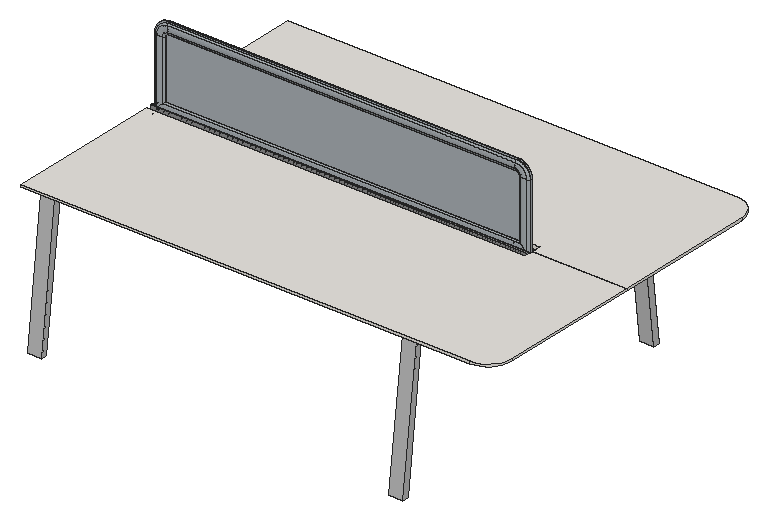
Revit family "Haworth_ActiveComponents_RectangularHalfConferenceEnd_Reside_BUILD", category Furniture Systems, Revit 2015
Parameters (values of type "30d 72w - 18" Overhang")
  Worksurface Finish [instance] = Haworth _ Laminate _ Linen H-WL
  Width = 72"
  Warranty = "http://www.haworth.com/resources/product-info/warranties"
  URL - Product = "https://www.haworth.com/products/workspaces/accessories/active-components"
  URL = "www.haworth.com"
  Trim Finish [instance] = Haworth _ Paint _ Graphite
  Top Thickness = 1 3/16"  # constant formula
  Sustainability Info = "http://www.haworth.com/company-info/sustainability"
  Standard Worksurface Depths = "24, 30 inches"  # constant formula
  Standard Screen Widths = "60, 72 inches"  # constant formula
  Standard Worksurface Widths = "60, 72 inches"  # constant formula
  Screen Yes [instance] = yes
  Screen Width = Width  # 72"
  Screen Offset = Support Height + 1/4"  # 28 1/4"
  Screen Finish = Haworth _ Fabric _ Class _ Light Cool Neutral
  Overhang Dimension = if(Overhang 9in, 9", 18")  # 18"
  Overhang 9in = no
  Overhang 18in = not(Overhang 9in)  # yes
  Overall Width = Actual Width + Overhang Dimension  # 90"
  Min. Depth = 24"  # constant formula
  Min Width = 60"  # constant formula
  Min Screen Width = 60"  # constant formula
  Min Depth = 24"  # constant formula
  Max. Depth = 30"  # constant formula
  Max Width = 72"  # constant formula
  Max Screen Width = 72"  # constant formula
  Max Depth = 30"  # constant formula
  Leg Right Shared [instance] = no
  Leg Right Offset [instance] = if(Leg Right Shared, 0", 1 75/128")  # 1 75/128"
  Leg Right None [instance] = not(Leg Right Angled)  # no
  Leg Right Angled [instance] = yes
  Leg Left Shared [instance] = no
  Leg Left Offset [instance] = if(Leg Left Shared, 0", 1 75/128")  # 1 75/128"
  Leg Left None [instance] = not(Leg Left Angled)  # no
  Leg Left Angled [instance] = yes
  Support Height = 28"  # constant formula
  Leg Front Offset [instance] = if(Actual Depth = 30", 6 1/4", 6 3/32")  # 6 1/4"
  Leg Finish = Haworth _ Paint _ Metallic Silver
  Size = "Verify Final Dim. w/ Haworth"  # constant formula
  Revision Number = "1"  # constant formula
  Model = "WKYB"  # constant formula
  Manufacturer = "Haworth"  # constant formula
  Description = "Haworth Reside - Worksurface - Rectangular Half Conference End - 30d 72w"
  Depth = 30"
  Custom Size = not(and(or(Width = 60", Width = 72"), or(Depth = 24", Depth = 30")))  # no
  Custom Screen Size = not(or(Screen Width = 60", Screen Width = 72"))  # no
  Author = "Haworth (Alias)"  # constant formula
  Assembly Code = "E2020200"
  Actual Width = (if(Width > Max Width, Max Width, if(Width < Min Width, Min Width, Width)))  # 72"
  Actual Screen Width = if(Screen Width > Max Screen Width, Max Screen Width, if(Screen Width < Min Screen Width, Min Screen Width, Screen Width))  # 72"
  Actual Height = 29 3/16"  # constant formula
  Actual Depth = if(Depth < Min. Depth, Min. Depth, if(Depth > Max. Depth, Max. Depth, Depth))  # 30"
Types (4): name | Width | Screen Width | Overall Width | Leg Front Offset | Description | Depth | Actual Width | Actual Screen Width | Actual Depth
  30d 72w - 18" Overhang | 72" | 72" | 90" | 6 1/4" | "Haworth Reside - Worksurface - Rectangular Half Conference End - 30d 72w" | 30" | 72" | 72" | 30"
  30d 60w - 18" Overhang | 60" | 60" | 78" | 6 1/4" | "Haworth Reside - Worksurface - Rectangular Half Conference End - 30d 60w" | 30" | 60" | 60" | 30"
  24d 72w - 18" Overhang | 72" | 72" | 90" | 6 3/32" | "Haworth Reside - Worksurface - Rectangular Half Conference End - 24d 72w" | 24" | 72" | 72" | 24"
  24d 60w - 18" Overhang | 60" | 60" | 78" | 6 3/32" | "Haworth Reside - Worksurface - Rectangular Half Conference End - 24d 60w" | 24" | 60" | 60" | 24"
Reference planes (in)
  plane 1: z = 0
  plane 2 "Center L/R": x = 8.5
  plane 3 "Left Edge": x = -27.5
  plane 4 "Right": x = 44.5
  plane 5 "Support Top": z = 29.1875
  plane 6 "Center F/B": y = -7.86431
  plane 7 "Back": y = 23.94819
  plane 8 "Front": y = -39.67681
  plane 9 "Right Leg Offset": x = 42.91406
  plane 10 "Leg Front": y = -33.42681
  plane 11 "Leg Back": y = 17.69819
  plane 12 "Right Edge": x = 62.5
  plane 13: x = -25.91406
  plane 14: y = -6.05181
  plane 15: y = -9.67681
Dimensions and locks (in)
  "Width": plane 3 "Left Edge" to plane 4 "Right"
  equal spacing: plane 3 "Left Edge", plane 2 "Center L/R", plane 4 "Right"
  "Actual Height": plane 5 "Support Top" to level
  "Leg Right Offset": plane 9 "Right Leg Offset" to plane 4 "Right"
  "Leg Front Offset": plane 7 "Back" to plane 11 "Leg Back"
  "Leg Front Offset": plane 8 "Front" to plane 10 "Leg Front"
  "Overall Width": plane 3 "Left Edge" to plane 12 "Right Edge"
  "Leg Left Offset": plane 3 "Left Edge" to plane 13
  locked: plane 14 to plane 6 "Center F/B" at 1.8125
  locked: plane 6 "Center F/B" to plane 15 at 1.8125
  "Actual Depth": plane 8 "Front" to plane 15
  "Actual Depth": plane 7 "Back" to plane 14
  aligned and locked: plane 6 "Center F/B" to nested 2
  aligned and locked: nested 6 to plane 1
  aligned and locked: nested 7 to plane 1
  aligned and locked: level to plane 1
  aligned and locked: plane 1 to nested 4
  aligned and locked: plane 1 to nested 5
  aligned and locked: plane 6 "Center F/B" to nested 8
  aligned and locked: plane 6 "Center F/B" to nested 3
  aligned and locked: plane 6 "Center F/B" to nested 1
  aligned and locked: plane 2 "Center L/R" to nested 1
  aligned and locked: nested 3 to plane 2 "Center L/R"
  aligned and locked: plane 2 "Center L/R" to nested 2
  aligned and locked: plane 2 "Center L/R" to nested 8
  aligned and locked: plane 10 "Leg Front" to nested 7
  aligned and locked: plane 10 "Leg Front" to nested 6
  aligned and locked: nested 5 to plane 11 "Leg Back"
  aligned and locked: nested 4 to plane 11 "Leg Back"
  aligned and locked: plane 13 to nested 5
  aligned and locked: nested 7 to plane 13
  aligned and locked: nested 4 to plane 9 "Right Leg Offset"
  aligned and locked: plane 9 "Right Leg Offset" to nested 6
Nested families (in)
  nested 1: "Haworth_Worksurfaces_RectangleHalfConferenceEnd_Reside_BUILD" at (0, -16.8125, 0), Worksurface Finish <- "Worksurface Finish", type "Top"
    with Worksurface Finish Haworth _ Laminate _ Linen H-WL, Overhang 9in. no, Overhang 18in. yes, Overhang 18", Overall Width 90"
  nested 2: "Haworth_ActiveComponents_CenterScreen_NEW" at (3.3125, -14.54687, 0), Fabric Finish <- "Screen Finish", visible <- "Screen Yes", type "Screen"
    with Fabric Finish Haworth _ Fabric _ Class _ Light Cool Neutral, Actual Mounting Height 28"
  nested 3: "Haworth_Worksurfaces_RectangleHalfConferenceEnd_Reside_BUILD" at (0, 1.08388, 0), Worksurface Finish <- "Worksurface Finish", type "Top"
    with Worksurface Finish Haworth _ Laminate _ Linen H-WL, Overhang 9in. no, Overhang 18in. yes, Overhang 18", Overall Width 90"
  nested 4: "Haworth_Reside_AngledLeg_Part" at (34.4707, 48.22416, 0), visible <- "Leg Right Angled", type "Leg"
  nested 5: "Haworth_Reside_AngledLeg_Part" at (-34.35742, 48.22416, 0), visible <- "Leg Left Angled", type "Leg"
  nested 6: "Haworth_Reside_AngledLeg_Part" at (34.4707, -63.95278, 0), visible <- "Leg Right Angled", type "Leg"
  nested 7: "Haworth_Reside_AngledLeg_Part" at (-34.35742, -63.95278, 0), visible <- "Leg Left Angled", type "Leg"
  nested 8: "Haworth_ActiveComponents_Reside_ScreenRail_NEW" at (3.3125, -14.54687, 0), Trim Finish <- "Trim Finish", type "Screen Rail"
    with Trim Finish Haworth _ Paint _ Graphite
Definition of nested family "Haworth_Worksurfaces_RectangleHalfConferenceEnd_Reside_BUILD"
  Parameters (values of type "30d 72w - 9 Overhang")
    Worksurface Finish [instance] = none
    Width = 72"
    Wide Central Block = Actual Depth = 30"  # yes
    Warranty = "https://www.haworth.com/resources/product-info/warranties"
    URL - Product = "https://www.haworth.com/products/workspaces/accessories/active-components"
    URL = "www.haworth.com"
    Trim Finish = none
    Thickness = 1 3/16"  # constant formula
    Support Beam Offset = if(Actual Depth = 30", 4 3/64", 21/32")  # 4 3/64"
    Radius = 4 1/2"  # constant formula
    Overhang 9in. = yes
    Overhang 18in. = no
    Overhang = if(Overhang 9in., 9", 18")  # 9"
    Overall Width = Actual Width + Overhang  # 81"
    Narrow Central Block = not(Wide Central Block)  # no
    Min. Width = 60"  # constant formula
    Min. Depth = 24"  # constant formula
    Max. Width = 72"  # constant formula
    Max. Depth = 30"  # constant formula
    Size = "Verify Final Dim. w/ Haworth"  # constant formula
    Revision Number = "1"  # constant formula
    Model = "WKYB"  # constant formula
    Manufacturer = "Haworth"  # constant formula
    Description = "Haworth - Active Components - Rectangle Half Conference End - Reside"
    Depth = 30"
    Custom Size = not(and(or(Depth = 24", Depth = 30"), or(Width = 60", Width = 72")))  # no
    Author = "Haworth (Alias)"  # constant formula
    Assembly Code = "E2020200"
    Actual Width = if(Width < Min. Width, Min. Width, if(Width > Max. Width, Max. Width, Width))  # 72"
    Actual Height = 29 3/16"  # constant formula
    Actual Depth = if(Depth < Min. Depth, Min. Depth, if(Depth > Max. Depth, Max. Depth, Depth))  # 30"
  Types (8): name | Width | Wide Central Block | Support Beam Offset | Overhang 9in. | Overhang 18in. | Overhang | Overall Width | Narrow Central Block | Depth | Actual Width | Actual Depth
    30d 72w - 18 Overhang | 72" | yes | 4 3/64" | no | yes | 18" | 90" | no | 30" | 72" | 30"
    30d 72w - 9 Overhang | 72" | yes | 4 3/64" | yes | no | 9" | 81" | no | 30" | 72" | 30"
    30d 60w - 9 Overhang | 60" | yes | 4 3/64" | yes | no | 9" | 69" | no | 30" | 60" | 30"
    30d 60w - 18 Overhang | 60" | yes | 4 3/64" | no | yes | 18" | 78" | no | 30" | 60" | 30"
    24d 72w - 18 Overhang | 72" | no | 21/32" | no | yes | 18" | 90" | yes | 24" | 72" | 24"
    24d 72w - 9 Overhang | 72" | no | 21/32" | yes | no | 9" | 81" | yes | 24" | 72" | 24"
    24d 60w - 18 Overhang | 60" | no | 21/32" | no | yes | 18" | 78" | yes | 24" | 60" | 24"
    24d 60w - 9 Overhang | 60" | no | 21/32" | yes | no | 9" | 69" | yes | 24" | 60" | 24"
  Reference planes (in)
    plane 1: z = 0
    plane 2 "Center L/R": x = 8.5
    plane 3 "Left Edge": x = -27.5
    plane 4 "Right Edge": x = 44.5
    plane 5 "Support Top": z = 29.1875
    plane 6 "Center F/B": y = -7.86431
    plane 7 "Back": y = 7.13569
    plane 8 "Front": y = -22.86431
    plane 9 "Knife Edge": y = -20.86431
    plane 10 "Knife Edge Seam": z = 28.8125
    plane 11 "Back Edge": y = 8.94819
    plane 12: x = 53.5
    plane 13 "Knife Edge 2": x = 51.5
    plane 14: z = 28
  Forms (in)
    Extrusion 1, solid, material <- "Worksurface Finish"
      sketch origin (0, 0, 0) x (1, 0, 0) y (0, 1, 0)
        loop
          line (-27.5, 7.13569) -> (-27.5, -22.86431) -> (49, -22.86431)
          arc (49, -22.86431) -> (52.18198, -21.54629) -> (53.5, -18.36431) r 4.5
          line (53.5, -18.36431) -> (53.5, 8.94819) -> (44.5, 8.94819) -> (44.5, 7.13569) -> (-27.5, 7.13569)
      from 28 to 29.1875
    Sweep 2, void
      path origin (0, 0, 0) x (1, 0, 0) y (0, 1, 0)
        loop
          line (-27.5, -20.86431) -> (49, -20.86431)
          arc (49, -20.86431) -> (50.76777, -20.13208) -> (51.5, -18.36431) r 2.5
          line (51.5, -18.36431) -> (51.5, 8.94819)
      profile origin (10.75, -20.86431, 0) x (0, 1, 0) y (0, 0, 1)
        loop
          line (0, 28) -> (-2, 28.8125) -> (-2, 28) -> (0, 28)
    Sweep 3, solid, material <- "Trim Finish", visible <- "Wide Central Block"
      path origin (0, -7.86431, 0) x (0, 0, -1) y (-1, 0, 0)
        loop
          line (-26.21875, -44.25) -> (-28, -44.25)
      profile origin (44.25, -7.86431, 27.10937) x (1, 0, 0) y (0, 1, 0)
        loop
          line (0.0024, 8.7425) -> (-2.65548, 8.7425) -> (-2.65548, 8.4525) -> (-5.51548, 5.5925) -> (-5.51548, 2.6425) -> (-2.65548, 1.49) -> (-2.65548, -1.49) -> (-5.51548, -2.6425) -> (-5.51548, -5.5925) -> (-2.65548, -8.4525) -> (-2.65548, -8.7425) -> (0.0024, -8.7425) -> (0.0024, 8.7425)
    Sweep 4, solid, material <- "Trim Finish", visible <- "Wide Central Block"
      path origin (17, -7.86431, 0) x (0, 0, -1) y (1, 0, 0)
        loop
          line (-26.21875, -44.25) -> (-28, -44.25)
      profile origin (-27.25, -7.86431, 27.10937) x (1, 0, 0) y (0, 1, 0)
        loop
          line (-0.0024, 8.7425) -> (-0.0024, -8.7425) -> (2.65548, -8.7425) -> (2.65548, -8.4525) -> (5.51548, -5.5925) -> (5.51548, -2.6425) -> (2.65548, -1.49) -> (2.65548, 1.49) -> (5.51548, 2.6425) -> (5.51548, 5.5925) -> (2.65548, 8.4525) -> (2.65548, 8.7425) -> (-0.0024, 8.7425)
    Sweep 5, solid, material <- "Trim Finish"
      path origin (0, 0, 0) x (1, 0, 0) y (0, 1, 0)
        loop
          line (-21.73452, -7.86431) -> (38.73452, -7.86431)
      profile origin (8.5, -7.86431, 0) x (0, 1, 0) y (0, 0, 1)
        loop
          line (-5.36438, 26.44) -> (-4.10937, 26.44)
          arc (-4.10937, 26.44) -> (-4.06518, 26.4583) -> (-4.04687, 26.5025) r 0.0625
          line (-4.04687, 26.5025) -> (-4.04687, 27.7575)
          arc (-4.04687, 27.7575) -> (-4.06518, 27.80169) -> (-4.10937, 27.82) r 0.0625
          line (-4.10937, 27.82) -> (-5.36438, 27.82)
          arc (-5.36438, 27.82) -> (-5.40857, 27.80169) -> (-5.42688, 27.7575) r 0.0625
          line (-5.42688, 27.7575) -> (-5.42688, 26.5025)
          arc (-5.42688, 26.5025) -> (-5.40857, 26.4583) -> (-5.36438, 26.44) r 0.0625
        loop
          arc (5.36438, 26.44) -> (5.40857, 26.4583) -> (5.42688, 26.5025) r 0.0625
          line (5.42688, 26.5025) -> (5.42688, 27.7575)
          arc (5.42688, 27.7575) -> (5.40857, 27.80169) -> (5.36438, 27.82) r 0.0625
          line (5.36438, 27.82) -> (4.10938, 27.82)
          arc (4.10938, 27.82) -> (4.06518, 27.80169) -> (4.04688, 27.7575) r 0.0625
          line (4.04688, 27.7575) -> (4.04688, 26.5025)
          arc (4.04688, 26.5025) -> (4.06518, 26.4583) -> (4.10938, 26.44) r 0.0625
          line (4.10938, 26.44) -> (5.36438, 26.44)
    Sweep 6, solid, material <- "Trim Finish", visible <- "Narrow Central Block"
      path origin (0, -7.86431, 0) x (0, 0, -1) y (-1, 0, 0)
        loop
          line (-26.21875, -44.25) -> (-28, -44.25)
      profile origin (44.25, -7.86431, 27.10937) x (1, 0, 0) y (0, 1, 0)
        loop
          line (-2.65547, 5.61095) -> (-5.51547, 2.81114) -> (-5.51547, -2.81114) -> (-2.65547, -5.61095) -> (-2.65547, -5.9025) -> (0.0024, -5.9025) -> (0.0024, 5.9025) -> (-2.65547, 5.9025) -> (-2.65547, 5.61095)
    Sweep 7, solid, material <- "Trim Finish", visible <- "Narrow Central Block"
      path origin (17, -7.86431, 0) x (0, 0, -1) y (1, 0, 0)
        loop
          line (-26.21875, -44.25) -> (-28, -44.25)
      profile origin (-27.25, -7.86431, 27.10937) x (1, 0, 0) y (0, 1, 0)
        loop
          line (2.65547, 5.61095) -> (2.65547, 5.9025) -> (-0.0024, 5.9025) -> (-0.0024, -5.9025) -> (2.65547, -5.9025) -> (2.65547, -5.61095) -> (5.51547, -2.81114) -> (5.51547, 2.81114) -> (2.65547, 5.61095)
  Cuts and joins
    Sweep 2 cuts Extrusion 1
  Lines and regions (in)
    Masking region 1
      outline origin (0, 0, 0) x (1, 0, 0) y (0, 1, 0)
        loop
          line (53.5, 8.94819) -> (44.5, 8.94819) -> (44.5, 7.13569) -> (-27.5, 7.13569) -> (-27.5, -22.86431) -> (49, -22.86431)
          arc (49, -22.86431) -> (52.18198, -21.54629) -> (53.5, -18.36431) r 4.5
          line (53.5, -18.36431) -> (53.5, 8.94819)
  Dimensions and locks (in)
    "Actual Width": plane 3 "Left Edge" to plane 4 "Right Edge"
    equal spacing: plane 3 "Left Edge", plane 2 "Center L/R", plane 4 "Right Edge"
    equal spacing: plane 8 "Front", plane 6 "Center F/B", plane 7 "Back"
    "Actual Depth": plane 8 "Front" to plane 7 "Back"
    locked: plane 5 "Support Top" to plane 10 "Knife Edge Seam" at 0.375
    locked: plane 13 "Knife Edge 2" to plane 12 at 2
    locked: plane 8 "Front" to plane 9 "Knife Edge" at 2
    locked: plane 11 "Back Edge" to plane 7 "Back" at 1.8125
    "Overhang": plane 4 "Right Edge" to plane 12
    "Actual Height": plane 5 "Support Top" to plane 1
    "Thickness": plane 14 to plane 5 "Support Top"
    locked: plane 4 "Right Edge" to Sweep 3 sketch curve at 0.25
    locked: Sweep 4 sketch curve to plane 3 "Left Edge" at 0.25
    locked: plane 14 to Sweep 4 sketch curve at 1.78125
    locked: plane 14 to Sweep 3 sketch curve at 1.78125
    locked: plane 4 "Right Edge" to Sweep 6 sketch curve at 0.25
    locked: plane 14 to Sweep 6 sketch curve at 1.78125
    locked: Sweep 7 sketch curve to plane 3 "Left Edge" at 0.25
    locked: plane 14 to Sweep 7 sketch curve at 1.78125
    locked: Sweep 5 sketch curve to Sweep 5 sketch curve at 1.38  (x2)
    "Support Beam Offset": plane 6 "Center F/B" to Sweep 5 sketch curve
    "Support Beam Offset": Sweep 5 sketch curve to plane 6 "Center F/B"
    "Radius": radius of Extrusion 1 sketch curve
    "Radius": radius of Masking region 1 sketch curve
    aligned and locked: Extrusion 1 sketch curve to plane 3 "Left Edge"
    aligned and locked: Extrusion 1 sketch curve to plane 7 "Back"
    aligned and locked: Extrusion 1 sketch curve to plane 8 "Front"
    aligned and locked: Extrusion 1 to plane 5 "Support Top"
    aligned and locked: Extrusion 1 sketch curve to plane 12
    aligned and locked: Extrusion 1 sketch curve to plane 11 "Back Edge"
    aligned and locked: Extrusion 1 sketch curve to plane 4 "Right Edge"
    aligned and locked: plane 11 "Back Edge" to Sweep 2 sketch curve
    aligned and locked: Sweep 2 sketch curve to plane 13 "Knife Edge 2"
    aligned and locked: plane 3 "Left Edge" to Sweep 2 sketch curve
    aligned and locked: Sweep 2 sketch curve to plane 9 "Knife Edge"
    aligned and locked: plane 3 "Left Edge" to Masking region 1 sketch curve
    aligned and locked: plane 7 "Back" to Masking region 1 sketch curve
    aligned and locked: Masking region 1 sketch curve to plane 4 "Right Edge"
    aligned and locked: plane 11 "Back Edge" to Masking region 1 sketch curve
    aligned and locked: plane 12 to Masking region 1 sketch curve
    aligned and locked: plane 8 "Front" to Masking region 1 sketch curve
    aligned and locked: plane 14 to cut or joined group of Extrusion 1, Sweep 2
    aligned and locked: plane 8 "Front" to Sweep 2 sketch curve
    aligned and locked: plane 14 to Sweep 2 sketch curve
    aligned and locked: plane 10 "Knife Edge Seam" to Sweep 2 sketch curve
    aligned and locked: plane 14 to Sweep 3 sketch curve
    aligned and locked: plane 14 to Sweep 4 sketch curve
    aligned and locked: Sweep 3 to Sweep 5 sketch curve
    aligned and locked: Sweep 5 sketch curve to Sweep 4
    aligned and locked: Sweep 5 sketch curve to plane 6 "Center F/B"
    aligned and locked: plane 14 to Sweep 6 sketch curve
    aligned and locked: plane 14 to Sweep 7 sketch curve
  Automatic sketch dimensions
    Sweep 2 sketch curve to Sweep 2 sketch curve = 2 1/2"
    Sweep 2 sketch curve to profile plane = 0"
    profile plane to Sweep 3 sketch curve = 5.51548"  (x2)
    profile plane to Sweep 3 sketch curve = 2.65548"  (x3)
    Sweep 3 sketch curve to profile plane = 0.0024"
    Sweep 3 sketch curve to plane 6 "Center F/B" = 8.7425"
    Sweep 3 sketch curve to Sweep 3 sketch curve = 0.29"  (x2)
    Sweep 3 sketch curve to Sweep 3 sketch curve = 2.86"  (x2)
    Sweep 3 sketch curve to plane 6 "Center F/B" = 2.6425"
    Sweep 3 sketch curve to plane 6 "Center F/B" = 1.49"
    plane 6 "Center F/B" to Sweep 3 sketch curve = 1.49"
    plane 6 "Center F/B" to Sweep 3 sketch curve = 2.6425"
    Sweep 3 sketch curve to Sweep 3 sketch curve = 2.95"
    profile plane to Sweep 4 sketch curve = 0.0024"
    Sweep 4 sketch curve to profile plane = 2.65548"  (x3)
    Sweep 4 sketch curve to Sweep 4 sketch curve = 2.86"  (x4)
    Sweep 4 sketch curve to plane 6 "Center F/B" = 8.7425"
    Sweep 4 sketch curve to Sweep 4 sketch curve = 0.29"  (x2)
    Sweep 4 sketch curve to plane 6 "Center F/B" = 2.6425"
    Sweep 4 sketch curve to plane 6 "Center F/B" = 1.49"
    plane 6 "Center F/B" to Sweep 4 sketch curve = 1.49"
    plane 6 "Center F/B" to Sweep 4 sketch curve = 2.6425"
    Sweep 4 sketch curve to Sweep 4 sketch curve = 2.95"
    Sweep 5 sketch curve to Sweep 5 sketch curve = 1/16"  (x7)
    Sweep 5 sketch curve to Sweep 5 sketch curve = 1.255"  (x3)
    Sweep 5 sketch curve to Sweep 5 sketch curve = 0"
    level to Sweep 5 sketch curve = 26.44"
    profile plane to Sweep 6 sketch curve = 5.51547"
    profile plane to Sweep 6 sketch curve = 2.65547"  (x2)
    Sweep 6 sketch curve to profile plane = 0.0024"
    Sweep 6 sketch curve to plane 6 "Center F/B" = 5.9025"
    Sweep 6 sketch curve to Sweep 6 sketch curve = 0.29155"  (x2)
    Sweep 6 sketch curve to plane 6 "Center F/B" = 2.81114"
    plane 6 "Center F/B" to Sweep 6 sketch curve = 2.81114"
    Sweep 6 sketch curve to Sweep 6 sketch curve = 2.79981"
    profile plane to Sweep 7 sketch curve = 0.0024"
    Sweep 7 sketch curve to profile plane = 2.65547"  (x2)
    Sweep 7 sketch curve to Sweep 7 sketch curve = 2.86"
    Sweep 7 sketch curve to plane 6 "Center F/B" = 5.9025"
    Sweep 7 sketch curve to Sweep 7 sketch curve = 0.29155"  (x2)
    Sweep 7 sketch curve to plane 6 "Center F/B" = 2.81114"
    plane 6 "Center F/B" to Sweep 7 sketch curve = 2.81114"
    Sweep 7 sketch curve to Sweep 7 sketch curve = 2.79981"
Definition of nested family "Haworth_ActiveComponents_CenterScreen_NEW"
  Parameters (values of type "72w 17h")
    Width = 72"
    Warranty = "http://www.haworth.com/resources/product-info/warranties"
    URL - Product = "http://www.haworth.com/products/workspaces/accessories/active-components"
    URL = "http://www.haworth.com/"
    Size = "Verify Final Dim. w/ Haworth"  # constant formula
    Revision Number = "2"  # constant formula
    Model = "AUSR"  # constant formula
    Min. Width = 42"  # constant formula
    Max. Width = 72"  # constant formula
    Manufacturer = "Haworth"  # constant formula
    Fabric Finish [instance] = none
    Description = "Haworth - Active Components - Center Screen"  # constant formula
    Author = "Haworth (Bentzen, Alias)"  # constant formula
    Assembly Code = "E2020200"
    Actual Width = if(Width < Min. Width, Min. Width, if(Width > Max. Width, Max. Width, Width))  # 72"
    Actual Mounting Height = 25"
    Actual Height = 17"  # constant formula
    Actual Depth = 29/32"  # constant formula
  Types (4): name | Width | Actual Width
    72w 17h | 72" | 72"
    60w 17h | 60" | 60"
    48w 17h | 48" | 48"
    42w 17h | 42" | 42"
  Reference planes (in)
    plane 1: z = 0
    plane 2 "Left Edge": x = -30.8125
    plane 3 "Back": y = 7.13569
    plane 4 "Front": y = 6.22944
    plane 5 "Support Top": z = 42
    plane 6 "Center F/B": y = 6.68256
    plane 7 "Bottom Screen": z = 25
    plane 8 "Right Edge": x = 41.1875
    plane 9 "Center LR": x = 5.1875
  Forms (in)
    Sweep 1, solid, material <- "Fabric Finish"
      path origin (0, 0, 25) x (-1, 0, 0) y (0, -1, 0)
        loop
          line (-5.1875, -6.55756) -> (-5.1875, -6.80756)
      profile origin (5.1875, 6.68256, 25) x (-1, 0, 0) y (0, 0, 1)
        loop
          line (33.705, 2.30661) -> (33.705, 13.34868)
          arc (33.705, 13.34868) -> (33.52194, 13.79062) -> (33.08, 13.97368) r 0.625
          line (33.08, 13.97368) -> (-33.08, 13.97368)
          arc (-33.08, 13.97368) -> (-33.52194, 13.79062) -> (-33.705, 13.34868) r 0.625
          line (-33.705, 13.34868) -> (-33.705, 2.30661) -> (33.705, 2.30661)
    Sweep 2, solid, material <- "Fabric Finish"
      path in 3D
        loop
          line (38.8925, 6.55756, 27.30661) -> (38.8925, 6.55756, 38.34868)
          arc (38.8925, 6.55756, 38.34868) -> (38.70944, 6.55756, 38.79062) -> (38.2675, 6.55756, 38.97368) r 0.625
          line (38.2675, 6.55756, 38.97368) -> (-27.8925, 6.55756, 38.97368)
          arc (-27.8925, 6.55756, 38.97368) -> (-28.33444, 6.55756, 38.79062) -> (-28.5175, 6.55756, 38.34868) r 0.625
          line (-28.5175, 6.55756, 38.34868) -> (-28.5175, 6.55756, 27.30661) -> (38.8925, 6.55756, 27.30661)
      profile origin (5.1875, 6.55756, 27.30661) x (0, -1, 0) y (0, 0, -1)
        loop
          line (0, 2.1379) -> (-0.25, 2.1379) -> (-0.25, 1.90667)
          arc (-0.25, 1.90667) -> (-0.41472, 1.73994) -> (-0.51166, 1.52656) r 0.66762
          arc (-0.51166, 1.52656) -> (-0.57818, 0.95464) -> (-0.49066, 0.38556) r 2.15173
          arc (-0.49066, 0.38556) -> (-0.39663, 0.17636) -> (-0.25, 0) r 0.84826
          line (-0.25, 0) -> (0, 0)
          arc (0, 0) -> (0.14663, 0.17636) -> (0.24066, 0.38556) r 0.84826
          arc (0.24066, 0.38556) -> (0.32818, 0.95464) -> (0.26166, 1.52656) r 2.15173
          arc (0.26166, 1.52656) -> (0.16472, 1.73994) -> (0, 1.90667) r 0.66762
          line (0, 1.90667) -> (0, 2.1379)
  Lines and regions (in)
    Masking region 1
      outline origin (0, 0, 0) x (1, 0, 0) y (0, 1, 0)
        loop
          line (-30.8125, 7.13569) -> (-30.8125, 6.22944) -> (41.1875, 6.22944) -> (41.1875, 7.13569) -> (-30.8125, 7.13569)
    symbolic lines, detail levels fine
      curve 1: line (-30.8125, 6.22944, 0) -> (-30.8125, 7.13569, 0)
    sketch lines
      curve 2: line (-28.5175, 6.55756, 27.30661) -> (38.8925, 6.55756, 27.30661)
      curve 3: line (38.8925, 6.55756, 27.30661) -> (38.8925, 6.55756, 38.34868)
      curve 4: line (-28.5175, 6.55756, 38.34868) -> (-28.5175, 6.55756, 27.30661)
      curve 5: arc (38.2675, 6.55756, 38.97368) -> (38.70944, 6.55756, 38.79062) -> (38.8925, 6.55756, 38.34868) r 0.625
      curve 6: line (38.2675, 6.55756, 38.97368) -> (-27.8925, 6.55756, 38.97368)
      curve 7: arc (-28.5175, 6.55756, 38.34868) -> (-28.33444, 6.55756, 38.79062) -> (-27.8925, 6.55756, 38.97368) r 0.625
  Dimensions and locks (in)
    "Actual Depth": plane 3 "Back" to plane 4 "Front"
    equal spacing: plane 3 "Back", plane 6 "Center F/B", plane 4 "Front"
    "Actual Mounting Height": plane 7 "Bottom Screen" to level
    "Actual Height": plane 5 "Support Top" to plane 7 "Bottom Screen"
    "Actual Width": plane 2 "Left Edge" to plane 8 "Right Edge"
    equal spacing: plane 2 "Left Edge", plane 9 "Center LR", plane 8 "Right Edge"
    locked: plane 6 "Center F/B" to Sweep 1 sketch curve at 0.125
    locked: Sweep 1 sketch curve to plane 6 "Center F/B" at 0.125
    locked: plane 8 "Right Edge" to Sweep 1 sketch curve at 2.295
    locked: plane 2 "Left Edge" to Sweep 1 sketch curve at 2.295
    locked: Sweep 1 sketch curve to plane 7 "Bottom Screen" at 2.30661
    locked: plane 5 "Support Top" to Sweep 1 sketch curve at 3.02632
    aligned and locked: plane 8 "Right Edge" to Masking region 1
    aligned and locked: plane 9 "Center LR" to Sweep 1 sketch curve
    aligned and locked: profile plane to plane 7 "Bottom Screen"
    aligned and locked: profile plane to plane 9 "Center LR"
    aligned and locked: curve 1 to plane 2 "Left Edge"
    aligned and locked: plane 3 "Back" to Masking region 1
    aligned and locked: Masking region 1 to plane 4 "Front"
  Automatic sketch dimensions
    curve 1 to plane 3 "Back" = 0"
    curve 1 to plane 4 "Front" = 0"
    Masking region 1 sketch curve to plane 2 "Left Edge" = 0"
    Masking region 1 sketch curve to plane 4 "Front" = 0"
    Masking region 1 sketch curve to plane 3 "Back" = 0"
    plane 8 "Right Edge" to Masking region 1 sketch curve = 0"
    Sweep 1 sketch curve to Sweep 1 sketch curve = 5/8"  (x2)
    Sweep 2 sketch curve to profile plane = 0"  (x2)
    Sweep 2 sketch curve to Sweep 2 sketch curve = 1/4"  (x2)
    profile plane to Sweep 2 sketch curve = 0.3852"
    profile plane to Sweep 2 sketch curve = 0.57296"
    Sweep 2 sketch curve to Sweep 2 sketch curve = 1.25023"  (x2)
    Sweep 2 sketch curve to profile plane = 0.1352"
    Sweep 2 sketch curve to profile plane = 0.32296"
    profile plane to Sweep 2 sketch curve = 0.62552"  (x2)
    profile plane to Sweep 2 sketch curve = 0.99424"  (x2)
    Sweep 2 sketch curve to Sweep 2 sketch curve = 0.73588"
    Sweep 2 sketch curve to Sweep 2 sketch curve = 0"  (x4)
    Sweep 2 sketch curve to Sweep 2 sketch curve = 0.54528"
    Sweep 2 sketch curve to Sweep 2 sketch curve = 0.23123"
    profile plane to Sweep 2 sketch curve = 0"
Definition of nested family "Haworth_Reside_AngledLeg_Part"
  Parameters (values of type "Leg")
    Worksurface Thickness = 1 3/16"  # constant formula
    Warranty = "http://www.haworth.com/resources/product-info/warranties"
    URL - Product = "http://www.haworth.com/products/workspaces/desking/reside"
    Sustainability Info = "https://www.haworth.com/company-info/sustainability"
    Model = "Haworth Reside"  # constant formula
    URL = "www.haworth.com"
    Size = "Verify Final Dim. w/ Haworth"  # constant formula
    Revision Number = "1"  # constant formula
    Manufacturer = "Haworth"  # constant formula
    Leg Finish = none
    Description = "Haworth - Reside - Angled Leg Part"  # constant formula
    Author = "Haworth (Alias)"  # constant formula
    Assembly Code = "E2020200"
    Actual Width = 2 85/128"  # constant formula
    Actual Height = 27 13/16"  # constant formula
  Reference planes (in)
    plane 1: z = 0
    plane 2 "Center L/R": x = 8.44336
    plane 3 "Center F/B": y = -26.24155
    plane 4 "Support Top": z = 27.8125
    plane 5 "Right": x = 9.77539
    plane 6 "Left": x = 7.11133
    plane 7: y = -26.74155
    plane 8 "Back": y = -25.74155
    plane 9 "Front": y = -30.52597
  Forms (in)
    Sweep 1, solid, material <- "Leg Finish"
      path origin (0, 0, 0) x (1, 0, 0) y (0, 1, 0)
        loop
          line (9.77539, -26.24155) -> (7.11133, -26.24155)
      profile origin (8.44336, -26.24155, 0) x (0, -1, 0) y (0, 0, 1)
        loop
          line (2.60706, 25.82112) -> (-0.55953, 0) -> (0.52856, 0) -> (3.67903, 25.68966) -> (2.60706, 25.82112)
    Sweep 2, solid, material <- "Leg Finish"
      path origin (0, 0, 0) x (1, 0, 0) y (0, 1, 0)
        loop
          line (9.77539, -26.24155) -> (7.11133, -26.24155)
      profile origin (8.44336, -26.24155, 0) x (0, -1, 0) y (0, 0, 1)
        loop
          line (2.85127, 27.8125) -> (2.60706, 25.82112) -> (3.67903, 25.68966) -> (3.73923, 26.18055)
          arc (3.73923, 26.18055) -> (3.90417, 26.49415) -> (4.23551, 26.61969) r 0.5
          line (4.23551, 26.61969) -> (4.28442, 26.61969) -> (4.28442, 27.8125) -> (2.85127, 27.8125)
  Lines and regions (in)
    Masking region 1
      outline origin (0, 0, 0) x (1, 0, 0) y (0, 1, 0)
        loop
          line (7.11133, -25.74155) -> (7.11133, -30.52597) -> (9.77539, -30.52597) -> (9.77539, -25.74155) -> (7.11133, -25.74155)
  Dimensions and locks (in)
    "Actual Height": plane 4 "Support Top" to level
    equal spacing: plane 6 "Left", plane 2 "Center L/R", plane 5 "Right"
    "Actual Width": plane 6 "Left" to plane 5 "Right"
    aligned and locked: plane 3 "Center F/B" to Sweep 1 sketch curve
    aligned and locked: plane 5 "Right" to Sweep 1 sketch curve
    aligned and locked: plane 6 "Left" to Sweep 1 sketch curve
    aligned and locked: profile plane to plane 1
    aligned and locked: profile plane to plane 3 "Center F/B"
    aligned and locked: plane 5 "Right" to Masking region 1 sketch curve
    aligned and locked: Masking region 1 sketch curve to plane 8 "Back"
    aligned and locked: Masking region 1 sketch curve to plane 6 "Left"
    aligned and locked: plane 9 "Front" to Masking region 1 sketch curve
    aligned and locked: plane 3 "Center F/B" to Sweep 2 sketch curve
    aligned and locked: plane 5 "Right" to Sweep 2 sketch curve
    aligned and locked: plane 6 "Left" to Sweep 2 sketch curve
  Automatic sketch dimensions
    Sweep 1 sketch curve to level = 0"
    profile plane to Sweep 1 sketch curve = 0.55953"
    Sweep 1 sketch curve to profile plane = 0.52856"
    level to Sweep 2 sketch curve = 25.82112"
    Sweep 2 sketch curve to profile plane = 2.60706"
    Sweep 2 sketch curve to Sweep 2 sketch curve = 0.88796"
    Sweep 2 sketch curve to Sweep 2 sketch curve = 0.49628"
    Sweep 2 sketch curve to Sweep 2 sketch curve = 0.04891"
    Sweep 2 sketch curve to Sweep 2 sketch curve = 0.06086"
    Sweep 2 sketch curve to Sweep 2 sketch curve = 1.13217"
    Sweep 2 sketch curve to Sweep 2 sketch curve = 0.0602"
    Sweep 2 sketch curve to Sweep 2 sketch curve = 0.4909"
    Sweep 2 sketch curve to Sweep 2 sketch curve = 0.13146"
    Sweep 1 sketch curve to Sweep 1 sketch curve = 1.07197"
    Sweep 1 sketch curve to Sweep 1 sketch curve = 0.13146"
    Sweep 1 sketch curve to profile plane = 2.60706"
Definition of nested family "Haworth_ActiveComponents_Reside_ScreenRail_NEW"
  Parameters (values of type "Screen Rail")
    Width = 72"
    Warranty = "http://www.haworth.com/resources/product-info/warranties"
    URL - Product = "http://www.haworth.com/products/workspaces/accessories/active-components"
    URL = "http://www.haworth.com/"
    Trim Finish [instance] = none
    Size = "Verify Final Dim. w/ Haworth"  # constant formula
    Revision Number = "1"  # constant formula
    Model = "AUSR"  # constant formula
    Min. Width = 48"  # constant formula
    Max. Width = 72"  # constant formula
    Manufacturer = "Haworth"  # constant formula
    Description = "Haworth - Active Components - Reside Screen Rail"  # constant formula
    Author = "Haworth (Alias)"  # constant formula
    Assembly Code = "E2020200"
    Actual Width = if(Width < Min. Width, Min. Width, if(Width > Max. Width, Max. Width, Width))  # 72"
    Actual Mounting Height = 28"
    Actual Height = 2"  # constant formula
    Actual Depth = 1 31/64"  # constant formula
  Reference planes (in)
    plane 1: z = 0
    plane 2 "Left Edge": x = -30.8125
    plane 3 "Center F/B": y = 6.68256
    plane 4 "Bottom Screen": z = 28
    plane 5 "Right Edge": x = 41.1875
    plane 6 "Center LR": x = 5.1875
    plane 7 "Back": y = 7.42475
    plane 8 "Front": y = 5.94038
  Forms (in)
    Sweep 1, solid, material <- "Trim Finish"
      path origin (0, 0, 28) x (-1, 0, 0) y (0, -1, 0)
        loop
          line (30.8125, -6.68256) -> (-41.1875, -6.68256)
      profile origin (5.1875, 6.68256, 28) x (0, 1, 0) y (0, 0, 1)
        loop
          line (0.3545, -0.239) -> (-0.3545, -0.239) -> (-0.3545, 0.221) -> (-0.2, 0.221) -> (-0.2, 0.3) -> (-0.4035, 0.3) -> (-0.4035, 0.388) -> (-0.4505, 0.428) -> (-0.4505, 1.021) -> (-0.4035, 1.061) -> (-0.4035, 1.138) -> (-0.44471, 1.17307)
          arc (-0.44471, 1.17307) -> (-0.47094, 1.17779) -> (-0.48801, 1.15733) r 0.0265
          line (-0.48801, 1.15733) -> (-0.5315, 0.901) -> (-0.5315, 0.391) -> (-0.6555, 0.391) -> (-0.6555, 0.548) -> (-0.685, 0.578) -> (-0.685, 1.14583)
          arc (-0.685, 1.14583) -> (-0.7165, 1.17733) -> (-0.748, 1.14583) r 0.0315
          line (-0.748, 1.14583) -> (-0.748, -0.355)
          arc (-0.748, -0.355) -> (-0.73628, -0.38328) -> (-0.708, -0.395) r 0.04
          line (-0.708, -0.395) -> (0.708, -0.395)
          arc (0.708, -0.395) -> (0.73628, -0.38328) -> (0.748, -0.355) r 0.04
          line (0.748, -0.355) -> (0.748, 1.14583)
          arc (0.748, 1.14583) -> (0.7165, 1.17733) -> (0.685, 1.14583) r 0.0315
          line (0.685, 1.14583) -> (0.685, 0.578) -> (0.6555, 0.548) -> (0.6555, 0.391) -> (0.5315, 0.391) -> (0.5315, 0.901) -> (0.48801, 1.15733)
          arc (0.48801, 1.15733) -> (0.47094, 1.17779) -> (0.44471, 1.17307) r 0.0265
          line (0.44471, 1.17307) -> (0.4035, 1.138) -> (0.4035, 1.061) -> (0.4505, 1.021) -> (0.4505, 0.428) -> (0.4035, 0.388) -> (0.4035, 0.3) -> (0.2, 0.3) -> (0.2, 0.221) -> (0.3545, 0.221) -> (0.3545, -0.239)
    Sweep 2, solid, material <- "Trim Finish"
      path origin (0, 0, 28) x (-1, 0, 0) y (0, -1, 0)
        loop
          line (26.3125, -6.68256) -> (23.3125, -6.68256)
      profile origin (-24.8125, 6.68256, 28) x (0, 1, 0) y (0, 0, 1)
        loop
          line (1.88967, -0.105) -> (3.81655, -0.105) -> (3.81655, 0) -> (1.87155, 0) -> (0.76155, -0.395) -> (-0.76155, -0.395) -> (-1.87155, 0) -> (-3.81655, 0) -> (-3.81655, -0.105) -> (-1.88967, -0.105) -> (-0.76155, -0.5) -> (0.77967, -0.5) -> (1.88967, -0.105)
    Sweep 3, solid, material <- "Trim Finish"
      path origin (10.375, 0, 28) x (1, 0, 0) y (0, -1, 0)
        loop
          line (26.3125, -6.68256) -> (23.3125, -6.68256)
      profile origin (35.1875, 6.68256, 28) x (0, -1, 0) y (0, 0, 1)
        loop
          line (-1.88967, -0.105) -> (-0.77967, -0.5) -> (0.76155, -0.5) -> (1.88967, -0.105) -> (3.81655, -0.105) -> (3.81655, 0) -> (1.87155, 0) -> (0.76155, -0.395) -> (-0.76155, -0.395) -> (-1.87155, 0) -> (-3.81655, 0) -> (-3.81655, -0.105) -> (-1.88967, -0.105)
  Lines and regions (in)
    Masking region 1
      outline origin (0, 0, 0) x (1, 0, 0) y (0, 1, 0)
        loop
          line (-30.8125, 7.42475) -> (-30.8125, 5.94038) -> (41.1875, 5.94038) -> (41.1875, 7.42475) -> (-30.8125, 7.42475)
    symbolic lines, detail levels fine
      curve 1: line (-30.8125, 6.22944, 0) -> (-30.8125, 7.13569, 0)
  Dimensions and locks (in)
    "Actual Mounting Height": plane 4 "Bottom Screen" to level
    "Actual Width": plane 2 "Left Edge" to plane 5 "Right Edge"
    equal spacing: plane 2 "Left Edge", plane 6 "Center LR", plane 5 "Right Edge"
    equal spacing: plane 8 "Front", plane 3 "Center F/B", plane 7 "Back"
    "Actual Depth": plane 8 "Front" to plane 7 "Back"
    locked: plane 2 "Left Edge" to Sweep 2 sketch curve at 4.5
    locked: Sweep 2 sketch curve to Sweep 2 sketch curve at 3
    locked: Sweep 3 sketch curve to Sweep 3 sketch curve at 3
    locked: Sweep 3 sketch curve to plane 5 "Right Edge" at 4.5
    aligned and locked: plane 5 "Right Edge" to Masking region 1
    aligned and locked: curve 1 to plane 2 "Left Edge"
    aligned and locked: Sweep 1 sketch curve to plane 3 "Center F/B"
    aligned and locked: plane 5 "Right Edge" to Sweep 1 sketch curve
    aligned and locked: plane 2 "Left Edge" to Sweep 1 sketch curve
    aligned and locked: Masking region 1 sketch curve to plane 7 "Back"
    aligned and locked: Masking region 1 sketch curve to plane 8 "Front"
    aligned and locked: Sweep 2 sketch curve to plane 3 "Center F/B"
    aligned and locked: plane 3 "Center F/B" to Sweep 3 sketch curve
  Automatic sketch dimensions
    curve 1 to plane 8 "Front" = 37/128"
    curve 1 to plane 7 "Back" = 37/128"
    Masking region 1 sketch curve to plane 2 "Left Edge" = 0"
    Masking region 1 sketch curve to plane 5 "Right Edge" = 0"
    profile plane to Sweep 1 sketch curve = 0.748"
    Sweep 1 sketch curve to Sweep 1 sketch curve = 0.0315"  (x2)
    Sweep 1 sketch curve to Sweep 1 sketch curve = 0.04"  (x5)
    Sweep 1 sketch curve to Sweep 1 sketch curve = 0.0295"
    Sweep 1 sketch curve to Sweep 1 sketch curve = 0.1535"
    Sweep 1 sketch curve to Sweep 1 sketch curve = 0.19699"  (x2)
    Sweep 1 sketch curve to Sweep 1 sketch curve = 0.02612"  (x2)
    Sweep 1 sketch curve to Sweep 1 sketch curve = 0.01138"
    Sweep 1 sketch curve to Sweep 1 sketch curve = 0.01717"  (x2)
    Sweep 1 sketch curve to Sweep 1 sketch curve = 0.047"  (x3)
    Sweep 1 sketch curve to Sweep 1 sketch curve = 0.049"  (x2)
    Sweep 1 sketch curve to Sweep 1 sketch curve = 0.1545"  (x2)
    Sweep 1 sketch curve to profile plane = 0.2"
    Sweep 1 sketch curve to profile plane = 0.4035"
    Sweep 1 sketch curve to Sweep 1 sketch curve = 0.04121"
    Sweep 1 sketch curve to Sweep 1 sketch curve = 0.081"
    Sweep 1 sketch curve to Sweep 1 sketch curve = 0.124"
    Sweep 1 sketch curve to Sweep 1 sketch curve = 0.3535"
    Sweep 1 sketch curve to plane 4 "Bottom Screen" = 0.395"
    Sweep 1 sketch curve to plane 4 "Bottom Screen" = 0.239"
    plane 4 "Bottom Screen" to Sweep 1 sketch curve = 0.221"  (x2)
    Sweep 1 sketch curve to Sweep 1 sketch curve = 0.079"  (x2)
    Sweep 1 sketch curve to Sweep 1 sketch curve = 0.088"  (x2)
    Sweep 1 sketch curve to Sweep 1 sketch curve = 0.003"  (x2)
    Sweep 1 sketch curve to Sweep 1 sketch curve = 0.157"  (x2)
    Sweep 1 sketch curve to Sweep 1 sketch curve = 0.03"  (x2)
    Sweep 1 sketch curve to Sweep 1 sketch curve = 0.323"  (x2)
    Sweep 1 sketch curve to Sweep 1 sketch curve = 0.12"  (x2)
    Sweep 1 sketch curve to Sweep 1 sketch curve = 0.077"  (x2)
    Sweep 1 sketch curve to Sweep 1 sketch curve = 0.12482"  (x2)
    Sweep 1 sketch curve to Sweep 1 sketch curve = 0.01489"  (x2)
    Sweep 1 sketch curve to Sweep 1 sketch curve = 0.00443"  (x2)
    Sweep 2 sketch curve to plane 4 "Bottom Screen" = 0"  (x4)
    profile plane to Sweep 2 sketch curve = 3.81655"
    Sweep 2 sketch curve to plane 4 "Bottom Screen" = 0.105"
    profile plane to Sweep 2 sketch curve = 1.88967"
    Sweep 2 sketch curve to Sweep 2 sketch curve = 0.01812"  (x2)
    profile plane to Sweep 2 sketch curve = 0.76155"
    Sweep 2 sketch curve to Sweep 2 sketch curve = 0"
    Sweep 2 sketch curve to profile plane = 0.76155"
    Sweep 2 sketch curve to Sweep 2 sketch curve = 0.01813"
    Sweep 2 sketch curve to Sweep 2 sketch curve = 1.11"
    Sweep 2 sketch curve to Sweep 2 sketch curve = 1.92687"
    Sweep 2 sketch curve to plane 4 "Bottom Screen" = 0.395"
    Sweep 2 sketch curve to Sweep 2 sketch curve = 0.105"  (x2)
    Sweep 3 sketch curve to plane 4 "Bottom Screen" = 0.105"  (x2)
    profile plane to Sweep 3 sketch curve = 3.81655"
    profile plane to Sweep 3 sketch curve = 1.88967"
    Sweep 3 sketch curve to plane 4 "Bottom Screen" = 0"  (x4)
    Sweep 3 sketch curve to Sweep 3 sketch curve = 0.01812"  (x2)
    profile plane to Sweep 3 sketch curve = 0.77967"
    Sweep 3 sketch curve to Sweep 3 sketch curve = 0.01813"
    Sweep 3 sketch curve to profile plane = 0.76155"
    Sweep 3 sketch curve to Sweep 3 sketch curve = 0"
    Sweep 3 sketch curve to Sweep 3 sketch curve = 1.11"
    Sweep 3 sketch curve to Sweep 3 sketch curve = 1.92687"
    Sweep 3 sketch curve to plane 4 "Bottom Screen" = 0.395"
    Sweep 3 sketch curve to Sweep 3 sketch curve = 0.105"
